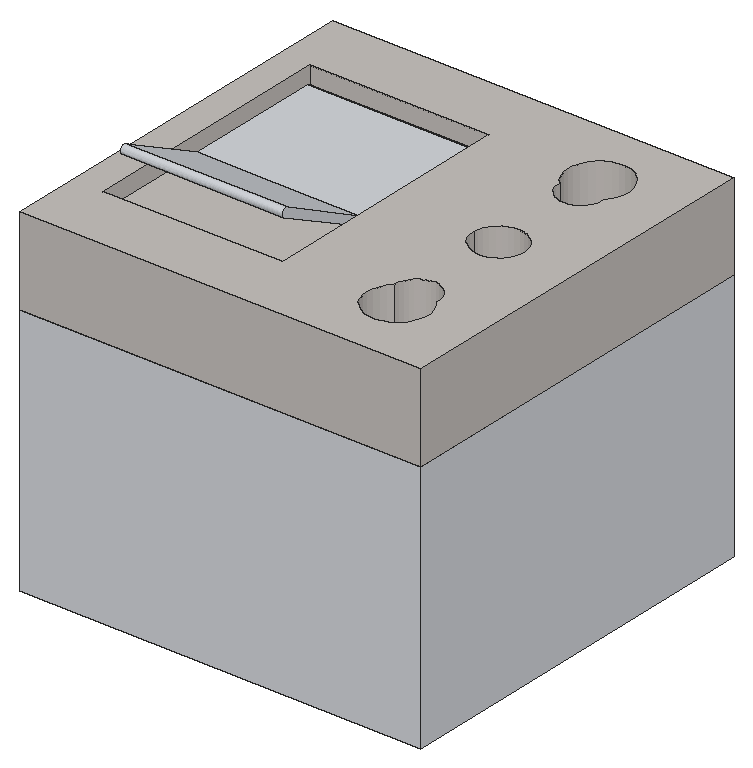
Revit family "Domotics-DomesticRanges-GEWISS-CHORUS_POWER-SOCKET-OUTLET_ITA_MCB", category Apparecchi elettrici, host Superficie, Revit 2016
Family settings
  Host = Superficie
  Mantenere orientamento annotazione = Sì
  Tipo di parte = Normale
  Quota connettore circolare = Usa diametro
  Taglio con vuoti quando caricato = Sì
  Condiviso = Sì
  Punto di calcolo locali = Sì
Parameters (values of type "GW14311 - INT SOC+MIN.CIR.BR. 2M 1P+N 16A P17/11 T")
  Wiring terminals = "With screw"
  Voltage: = "230V ac"
  Version file RFA = "19.0"
  VISIBILITA' SIMBOLO [instance] = yes
  URL = "https://www.gewiss.com/ww/en"
  Type: = "Interlocked"
  Thermo-pressure with ball = "125 °C"
  Terminal tightening capacity rigid cables (mm2) = "min. 0,5 - max. 2x2,5"
  Terminal tightening capacity flexible cables (mm2) = "min. 0,75 - max. 2x4"
  Terminal grip on cable traction = "&gt; 50 N"
  Technical sheet = "https://www.gewiss.com/ww/en/search?q=GW14311"
  Standard; = "IEC 60884-1; EN 60898-1"
  Standard: = "English"
  Spostamento_x [instance] = 2476 mm
  Spostamento_effettivo x [instance] = 4000 mm - Spostamento_x  # 1524 mm
  Socket-out type = "P17-P11"
  SEO = "Socket outlet"
  Resistance at test voltage = "2000 V at 50 Hz for 1 minute"
  Realized by GEWISS S.p.A. = ""
  Protection = "MCB"
  Default Elevation = 1219.2 mm
  Prolonged operation (no.of position changes) = "10.000 at In 250 V ac cosØ=0,8"
  Produttore = "GEWISS S.p.A."
  Offset presa [instance] = 0 mm
  Offset bidimensionale [instance] = 2 mm
  No. Chorus modules: = "2"
  Modello = "GW14311"
  Miniature circuit breakers = "1P+N 16A"
  Insulation resistance = "&gt; 5 MOhm"
  Immagine tipo = GW14311.jpg
  IDT = "7c0b4a1e-0f8d-4a31-b846-368b82e04c55"
  IDF = "73c14aaf-e414-4bab-bfc3-84959cad25c4"
  Glow Wire Test = "850°C"
  Fronte presa = Titanio
  Electrocod = "0131                "
  EAN code = "8011564266490"
  Descrizione = "INT SOC+MIN.CIR.BR. 2M 1P+N 16A P17/11 T"
  Description: = "2P+E - 16A"
  Description. = "Dual amperage interlocked socket-outlet"
  Corpo presa = none
  Colour = "Titanium"
  Category = "Dual amperage interlocked socket-outlet"
  Catalogue Range = "CHORUS - DOMESTIC RANGE"
  Catalogue = "DOMOTICS"
  COBie.Tagnumber = ""
  COBie.CreatedOn = ""
  COBie.CreatebBy = ""
  COBie.ComponentRegisterItemID = ""
  COBie.Component.TagNumber = ""
  COBie.Component.Space = ""
  COBie.Component.SerialNumber = ""
  COBie.Component.InstallationDate = ""
  COBie.Component.Description = ""
  COBie.Component.BarCode = ""
  Breaking capacity: = "1.25 In (100 position changes)"
  Breaking capacity = "3KA"
Types (3, lengths in mm): name | Technical sheet | Modello | Immagine tipo | IDT | Fronte presa | EAN code | Descrizione | Colour
  GW10311 - INT S.O. 2M 2P+E 16A P17/11-MCB 1P+N  W | "https://www.gewiss.com/ww/en/search?q=GW10311" | "GW10311" | GW10311.jpg | "64a2d91f-0ece-49d2-84bd-7243a35552ad" | Bianco | "8011564262430" | "INT S.O. 2M 2P+E 16A P17/11-MCB 1P+N  W" | "White"
  GW12311 - INT SOC+MIN.C.BR. 2M 1P+N 16A P17/11 B | "https://www.gewiss.com/ww/en/search?q=GW12311" | "GW12311" | GW12311.jpg | "159e4c84-a16a-4aeb-88a3-2f9a9535ac0a" | Nero | "8011564267329" | "INT SOC+MIN.C.BR. 2M 1P+N 16A P17/11 B" | "Black"
  GW14311 - INT SOC+MIN.CIR.BR. 2M 1P+N 16A P17/11 T | "https://www.gewiss.com/ww/en/search?q=GW14311" | "GW14311" | GW14311.jpg | "7c0b4a1e-0f8d-4a31-b846-368b82e04c55" | Titanio | "8011564266490" | "INT SOC+MIN.CIR.BR. 2M 1P+N 16A P17/11 T" | "Titanium"
Reference planes
  plane 1 "Centro (Fronte/Retro)": y = 0
  plane 2: z = 0
  plane 3 "Centro (Sinistra/Destra)": x = 0
  plane 4: x = -1524
  plane 5: x = 0
  plane 6: z = 0
  plane 7 "2d": z = 41
  plane 8: z = 39
Lines and regions (mm)
  Masking region 1, detail levels coarse
    outline origin (0, 0, 0) x (1, 0, 0) y (0, 0, 1)
      loop
        line (-23, 39) -> (-23, 0) -> (23, 0) -> (23, 39) -> (-23, 39)
  Masking region 2, detail levels coarse
    outline origin (0, 0, 0) x (0, 1, 0) y (0, 0, 1)
      loop
        line (-22.5, 39) -> (-22.5, 0) -> (22.5, 0) -> (22.5, 39) -> (-22.5, 39)
  model lines, not visible
    curve 1: line (-134.675, 138.305, 93) -> (-134.675, 183.305, 93)
    curve 2: line (-134.675, 183.305, 93) -> (-157.675, 183.305, 93)
    curve 3: line (-157.675, 183.305, 93) -> (-180.287, 183.305, 93)
    curve 4: line (-180.287, 183.305, 93) -> (-180.287, 138.305, 93)
    curve 5: line (-180.287, 138.305, 93) -> (-157.675, 138.305, 93)
    curve 6: line (-157.675, 138.305, 93) -> (-134.675, 138.305, 93)
    curve 7: line (-167.175, 181.835, 93) -> (-167.175, 177.454, 93)
    curve 8: line (-167.175, 175.592, 93) -> (-177.471, 175.592, 93)
    curve 9: line (-177.471, 175.592, 93) -> (-177.471, 160.805, 93)
    curve 10: line (-177.471, 160.805, 93) -> (-156.879, 160.805, 93)
    curve 11: line (-156.879, 160.805, 93) -> (-156.879, 175.592, 93)
    curve 12: line (-156.879, 175.592, 93) -> (-167.175, 175.592, 93)
    curve 13: line (-177.471, 146.019, 93) -> (-177.471, 160.805, 93)
    curve 14: line (-156.879, 146.019, 93) -> (-177.471, 146.019, 93)
    curve 15: line (-156.879, 160.805, 93) -> (-156.879, 146.019, 93)
    curve 16: circle (-144.175, 160.805, 93) r 2.942 normal (0, 0, 1)
    curve 17: arc (-141.602, 148.954, 93) -> (-144.17, 151.576, 93) -> (-146.585, 148.811, 93) r 2.5
    curve 18: arc (-146.585, 148.811, 93) -> (-143.921, 142.842, 93) -> (-141.602, 148.954, 93) r 3.536
    curve 19: arc (-146.585, 172.799, 93) -> (-144.17, 170.035, 93) -> (-141.602, 172.657, 93) r 2.5
    curve 20: arc (-141.602, 172.657, 93) -> (-143.921, 178.769, 93) -> (-146.585, 172.799, 93) r 3.536
    curve 21: line (-173.499, 147.771, 93) -> (-160.851, 147.771, 93)
    curve 22: line (-177.471, 160.805, 93) -> (-176.86, 150.931, 93)
    curve 23: line (-157.49, 150.931, 93) -> (-156.879, 160.805, 93)
    curve 24: arc (-176.86, 150.931, 93) -> (-175.805, 148.685, 93) -> (-173.499, 147.771, 93) r 3.368
    curve 25: arc (-157.49, 150.931, 93) -> (-158.545, 148.685, 93) -> (-160.851, 147.771, 93) r 3.368
Dimensions and locks
  plane 4 to plane 3 "Centro (Sinistra/Destra)" = 1524 mm
  "Spostamento_effettivo x": plane 4 to plane 5
  "Offset bidimensionale": plane 7 "2d" to plane 8
  "Offset presa": plane 6 to plane 2
  locked: plane 8 to plane 6 at 39
  aligned and locked: plane 2 to host face
  aligned and locked: level to host face
  aligned and locked: plane 3 "Centro (Sinistra/Destra)" to nested 1
  aligned and locked: plane 1 "Centro (Fronte/Retro)" to nested 1
  aligned and locked: nested 1 to plane 6
  aligned and locked: plane 5 to nested 2
  aligned and locked: plane 8 to nested 1
  aligned and locked: nested 3 to nested 1
  aligned and locked: Masking region 1 sketch curve to nested 1  (x2)
  aligned and locked: Masking region 1 sketch curve to plane 6
  aligned and locked: Masking region 1 sketch curve to plane 8
Automatic sketch dimensions
  host sketch curve to host sketch curve = 2438.4 mm  (x2)
  plane 1 "Centro (Fronte/Retro)" to Masking region 2 sketch curve = 22.5 mm
  Masking region 2 sketch curve to plane 1 "Centro (Fronte/Retro)" = 22.5 mm
  Masking region 2 sketch curve to plane 8 = 0 mm
  Masking region 2 sketch curve to plane 6 = 0 mm
Nested families
  nested 1: "G_ChORUS PRESA ITA IB MAGNETOT" at (0, 0, 0), type "G_ChORUS PRESA ITA IB MAGNETOT", detail levels medium+fine
  nested 2: "16" at (0, 246.59, 0), type "16"
  nested 3: "Famiglia6" at (0, -22.5, 40), type "Famiglia6", detail levels coarse
Definition of nested family "G_ChORUS PRESA ITA IB MAGNETOT"
  Parameters (values of type "G_ChORUS PRESA ITA IB MAGNETOT")
    corpo = none
    L = 46 mm
    H = 45 mm
    Fronte = none
  Reference planes
    plane 1 "Centro (Fronte/Retro)": y = 0
    plane 2: z = 0
    plane 3 "Centro (Sinistra/Destra)": x = 0
    plane 4: x = -23
    plane 5: y = -22.5
    plane 6: x = 23
    plane 7: y = 22.5
    plane 8: z = 29
    plane 9: z = 39
    plane 10: x = 13.986
    plane 11: x = -19.563
    plane 12: x = 1.028
    plane 13: z = 33.442
    plane 14: y = 14.84
    plane 15: y = -14.84
    plane 16: y = -13.84
    plane 17: y = 13.84
    plane 18: x = -18.563
    plane 19: z = 36.97
  Forms (mm)
    Extrusion 1, solid, material <- "corpo"
      sketch origin (0, 0, 0) x (1, 0, 0) y (0, 0, 1)
        loop
          line (-23, 0) -> (23, 0) -> (23, 29) -> (-23, 29) -> (-23, 0)
      from -22.5 to 22.5
    Extrusion 2, solid, material <- "Fronte"
      sketch origin (0, 0, 0) x (1, 0, 0) y (0, 0, 1)
        loop
          line (-23, 29) -> (23, 29) -> (23, 39) -> (-23, 39) -> (-23, 29)
      from -22.5 to 22.5
    Extrusion 3, void
      sketch origin (0, 0, 0) x (1, 0, 0) y (0, 1, 0)
        loop
          arc (16.47, 12.07) -> (13.753, 18.016) -> (11.488, 11.884) r 3.536
          arc (11.488, 11.884) -> (14.079, 9.284) -> (16.47, 12.07) r 2.5
        loop
          circle (13.986, 0.054) r 2.942
        loop
          arc (11.499, -11.767) -> (13.753, -17.909) -> (16.46, -11.952) r 3.536
          arc (16.46, -11.952) -> (14.079, -9.188) -> (11.499, -11.767) r 2.489
      from 33.442 to 39
    Extrusion 4, void
      sketch origin (0, 0, 0) x (1, 0, 0) y (0, 1, 0)
        loop
          line (-19.563, -14.84) -> (1.028, -14.84) -> (1.028, 14.84) -> (-19.563, 14.84) -> (-19.563, -14.84)
      from 36.97 to 39
    Extrusion 5, solid
      sketch origin (0, 0, 0) x (0, 1, 0) y (0, 0, 1)
        loop
          line (-13.276, 42.472) -> (-2.759, 36.97) -> (13.277, 36.97)
          arc (13.277, 36.97) -> (13.777, 37.47) -> (13.277, 37.97) r 0.5
          line (13.277, 37.97) -> (-2.513, 37.97) -> (-12.812, 43.358)
          arc (-12.812, 43.358) -> (-13.487, 43.147) -> (-13.276, 42.472) r 0.5
      from -18.563 to 0
  Cuts and joins
    Extrusion 3, Extrusion 4 cuts Extrusion 1
    Extrusion 3, Extrusion 4 cuts Extrusion 2
  Dimensions and locks
    equal spacing: plane 7, plane 1 "Centro (Fronte/Retro)", plane 5
    equal spacing: plane 4, plane 3 "Centro (Sinistra/Destra)", plane 6
    locked: plane 8 to plane 2 at 29
    locked: plane 9 to plane 8 at 10
    "L": plane 4 to plane 6
    "H": plane 7 to plane 5
    locked: plane 10 to plane 6 at 9.014
    locked: plane 4 to plane 11 at 3.437
    locked: plane 9 to plane 13 at 5.558
    equal spacing: plane 15, plane 1 "Centro (Fronte/Retro)", plane 14
    plane 15 to plane 14 = 29.68 mm
    locked: plane 17 to plane 14 at 1
    locked: plane 15 to plane 16 at 1
    locked: plane 11 to plane 18 at 1
    locked: plane 3 "Centro (Sinistra/Destra)" to plane 12 at 1.028
    locked: plane 19 to plane 9 at 2.03
    aligned and locked: level to plane 2
    aligned and locked: Extrusion 1 sketch curve to plane 4
    aligned and locked: Extrusion 1 sketch curve to plane 6
    aligned and locked: Extrusion 1 sketch curve to plane 8
    aligned and locked: Extrusion 1 sketch curve to plane 2
    aligned and locked: Extrusion 2 sketch curve to plane 8
    aligned and locked: Extrusion 2 sketch curve to plane 9
    aligned and locked: Extrusion 2 sketch curve to plane 4
    aligned and locked: Extrusion 2 sketch curve to plane 6
    aligned and locked: plane 7 to Extrusion 2
    aligned and locked: Extrusion 2 to plane 5
    aligned and locked: Extrusion 1 to plane 5
    aligned and locked: Extrusion 2 to plane 7
    aligned and locked: plane 7 to Extrusion 1
    aligned and locked: plane 10 to Extrusion 3 sketch curve  (x3)
    aligned and locked: plane 13 to cut or joined group of Extrusion 2, Extrusion 3, Extrusion 4
    aligned and locked: plane 9 to Extrusion 3
    aligned and locked: Extrusion 4 sketch curve to plane 11
    aligned and locked: Extrusion 4 sketch curve to plane 12
    aligned and locked: Extrusion 4 sketch curve to plane 15
    aligned and locked: Extrusion 4 sketch curve to plane 14
    aligned and locked: plane 9 to Extrusion 4
    aligned and locked: plane 18 to Extrusion 5
    aligned and locked: plane 3 "Centro (Sinistra/Destra)" to Extrusion 5
  Automatic sketch dimensions
    Extrusion 3 sketch curve to Extrusion 3 sketch curve = 2.701 mm  (x2)
    Extrusion 3 sketch curve to plane 10 = 2.487 mm
    Extrusion 3 sketch curve to plane 1 "Centro (Fronte/Retro)" = 0.054 mm
    Extrusion 3 sketch curve to plane 10 = 2.498 mm
    Extrusion 5 sketch curve to plane 13 = 3.527 mm
    plane 9 to Extrusion 5 sketch curve = 3.472 mm
    Extrusion 5 sketch curve to plane 16 = 0.564 mm
    Extrusion 5 sketch curve to Extrusion 5 sketch curve = 0.232 mm  (x2)
    plane 9 to Extrusion 5 sketch curve = 4.358 mm
    plane 1 "Centro (Fronte/Retro)" to Extrusion 5 sketch curve = 2.759 mm
    Extrusion 5 sketch curve to plane 13 = 4.527 mm
    plane 17 to Extrusion 5 sketch curve = 0.563 mm
    plane 1 "Centro (Fronte/Retro)" to Extrusion 5 sketch curve = 2.513 mm
    Extrusion 3 sketch curve to plane 10 = 0.101 mm  (x2)
    Extrusion 3 sketch curve to plane 16 = 2.165 mm
    plane 17 to Extrusion 3 sketch curve = 2.058 mm
    Extrusion 3 sketch curve to plane 16 = 1.888 mm
    plane 17 to Extrusion 3 sketch curve = 1.77 mm
    radius of Extrusion 3 sketch curve = 2.942 mm
Definition of nested family "16"
  Parameters (values of type "16")
    simbolo = yes
    Bordo = yes
  Reference planes
    plane 1: y = 0
    plane 2: x = 0
  Lines and regions (mm)
    detail lines, visible <- "simbolo"
      curve 1: line (0.938, 3.828, 0) -> (-0.937, 3.828, 0)
      curve 2: line (0, 3.828, 0) -> (0, 2.891, 0)
      curve 3: line (0, 3.828, 0) -> (-0.402, 2.891, 0)
      curve 4: line (-0.402, 2.891, 0) -> (-0.716, 3.026, 0)
      curve 5: line (0, 3.452, 0) -> (-0.118, 3.333, 0)
      curve 6: line (0, 3.521, 0) -> (-0.188, 3.333, 0)
      curve 7: line (0, 3.591, 0) -> (-0.178, 3.413, 0)
      curve 8: line (0, 3.66, 0) -> (-0.126, 3.534, 0)
      curve 9: line (0, 3.333, 0) -> (-0.212, 3.333, 0)
      curve 10: line (-0.251, 3.243, 0) -> (-0.565, 3.378, 0)
      curve 11: arc (-0.937, 4.766, 0) -> (-0.663, 4.103, 0) -> (0, 3.828, 0) r 0.937
      curve 12: arc (0.937, 4.766, 0) -> (0.663, 4.103, 0) -> (0, 3.828, 0) r 0.937
    detail lines, visible <- "simbolo", not visible
      curve 13: line (0.938, 4.062, 0) -> (-0.937, 4.062, 0)
      curve 14: line (0, 4.062, 0) -> (0, 3.125, 0)
      curve 15: line (0, 4.062, 0) -> (-0.402, 3.125, 0)
      curve 16: line (-0.402, 3.125, 0) -> (-0.716, 3.26, 0)
      curve 17: line (0, 3.686, 0) -> (-0.118, 3.568, 0)
      curve 18: line (0, 3.756, 0) -> (-0.188, 3.568, 0)
      curve 19: line (0, 3.825, 0) -> (-0.178, 3.647, 0)
      curve 20: line (0, 3.895, 0) -> (-0.126, 3.769, 0)
      curve 21: line (0, 3.568, 0) -> (-0.212, 3.568, 0)
      curve 22: line (-0.251, 3.478, 0) -> (-0.565, 3.612, 0)
      curve 23: arc (-0.937, 5, 0) -> (-0.663, 4.337, 0) -> (0, 4.062, 0) r 0.937
      curve 24: arc (0.937, 5, 0) -> (0.663, 4.337, 0) -> (0, 4.062, 0) r 0.937
  Text (mm)
    text "10/16" at (-0.689, 5.045, 0), visible <- "simbolo"
Definition of nested family "Famiglia6"
  Reference planes
    plane 1 "Centro (Fronte/Retro)": y = 0
    plane 2: z = 0
    plane 3 "Centro (Sinistra/Destra)": x = 0
  Lines and regions (mm)
    model lines
      curve 1: circle (-9.5, 3.661, 0) r 2.191 normal (0, 0, 1)
      curve 2: circle (13.5, 22.5, 0) r 2.942 normal (0, 0, 1)
      curve 3: line (23, 0, 0) -> (23, 45, 0)
      curve 4: line (23, 45, 0) -> (0, 45, 0)
      curve 5: line (0, 45, 0) -> (-23, 45, 0)
      curve 6: line (-23, 45, 0) -> (-23, 0, 0)
      curve 7: line (-23, 0, 0) -> (0, 0, 0)
      curve 8: line (0, 0, 0) -> (23, 0, 0)
      curve 9: line (-9.5, 43.53, 0) -> (-9.5, 39.148, 0)
      curve 10: line (-9.5, 9.466, 0) -> (-3.366, 9.466, 0)
      curve 11: line (-3.366, 9.466, 0) -> (-1.504, 9.904, 0)
      curve 12: line (-1.504, 9.904, 0) -> (-0.409, 10.78, 0)
      curve 13: line (-0.409, 10.78, 0) -> (0.139, 11.876, 0)
      curve 14: line (0.139, 11.876, 0) -> (0.796, 22.5, 0)
      curve 15: line (0.796, 22.5, 0) -> (0.796, 7.714, 0)
      curve 16: line (0.796, 7.714, 0) -> (-9.5, 7.714, 0)
      curve 17: line (-9.5, 7.714, 0) -> (-19.796, 7.714, 0)
      curve 18: line (-19.796, 7.714, 0) -> (-19.796, 22.5, 0)
      curve 19: line (-19.796, 22.5, 0) -> (0.796, 22.5, 0)
      curve 20: line (0.796, 22.5, 0) -> (0.796, 37.286, 0)
      curve 21: line (0.796, 37.286, 0) -> (-9.5, 37.286, 0)
      curve 22: line (-9.5, 37.286, 0) -> (-19.796, 37.286, 0)
      curve 23: line (-19.796, 37.286, 0) -> (-19.796, 22.5, 0)
      curve 24: line (-19.796, 22.5, 0) -> (-19.139, 11.876, 0)
      curve 25: line (-19.139, 11.876, 0) -> (-18.591, 10.78, 0)
      curve 26: line (-18.591, 10.78, 0) -> (-17.496, 9.904, 0)
      curve 27: line (-17.496, 9.904, 0) -> (-15.634, 9.466, 0)
      curve 28: line (-15.634, 9.466, 0) -> (-9.5, 9.466, 0)
      curve 29: arc (16.073, 34.352, 0) -> (13.754, 40.463, 0) -> (11.09, 34.494, 0) r 3.536
      curve 30: arc (11.09, 34.494, 0) -> (13.505, 31.73, 0) -> (16.073, 34.352, 0) r 2.5
      curve 31: arc (11.09, 10.506, 0) -> (13.754, 4.537, 0) -> (16.073, 10.648, 0) r 3.536
      curve 32: arc (16.073, 10.648, 0) -> (13.505, 13.27, 0) -> (11.09, 10.506, 0) r 2.5
  Dimensions and locks
    aligned and locked: level to plane 2
